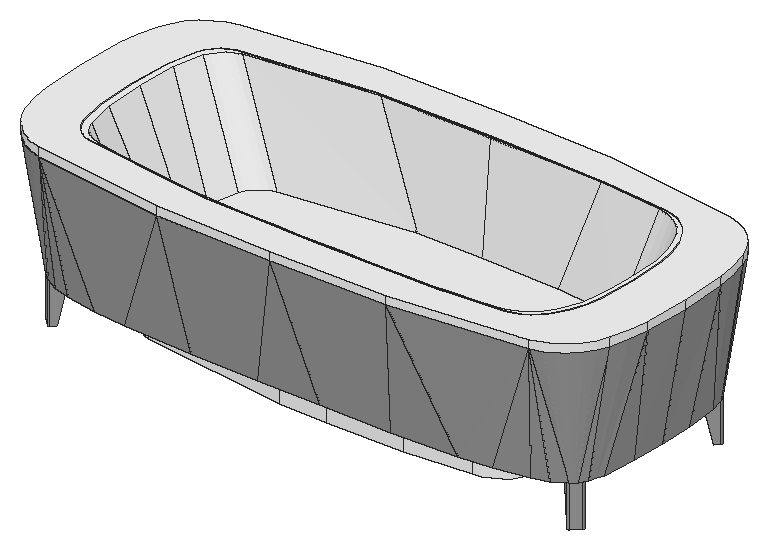
Revit family "Bathtub-FreestandingBathtub-Vitra-WaterJewelsSeries-53500096000", category Plumbing Fixtures, host Face, Revit 2017 (continued)
Automatic sketch dimensions
  Blend 15 sketch curve to Blend 15 sketch curve = 22.214 mm
  Blend 15 sketch curve to Blend 15 sketch curve = 71.465 mm
  Blend 15 sketch curve to Blend 15 sketch curve = 71.621 mm
  Blend 15 sketch curve to Blend 15 sketch curve = 19.04 mm
  Blend 15 sketch curve to Blend 15 sketch curve = 19.071 mm
  Blend 1 sketch curve to Blend 1 sketch curve = 85.648 mm
  Blend 1 sketch curve to Blend 1 sketch curve = 101.507 mm  (x2)
  Blend 1 sketch curve to Blend 1 sketch curve = 13.634 mm  (x2)
  Blend 1 sketch curve to Blend 1 sketch curve = 14.807 mm  (x2)
  Blend 1 sketch curve to Blend 1 sketch curve = 8.793 mm  (x2)
  Blend 1 sketch curve to Blend 1 sketch curve = 0.795 mm
  Extrusion 11 sketch curve to Extrusion 11 sketch curve = 276.562 mm
  Blend 13 sketch curve to Blend 13 sketch curve = 276.562 mm
  Blend 13 sketch curve to Blend 13 sketch curve = 59.133 mm
  Blend 13 sketch curve to Blend 13 sketch curve = 18.507 mm  (x2)
  Blend 14 sketch curve to Blend 14 sketch curve = 276.562 mm
  Blend 14 sketch curve to Blend 14 sketch curve = 45.846 mm
  Blend 15 sketch curve to Blend 15 sketch curve = 276.562 mm
  Blend 15 sketch curve to Blend 15 sketch curve = 45.846 mm
  Blend 1 sketch curve to plane 7 = 0 mm
  Blend 1 sketch curve to plane 8 = 0 mm
  plane 3 "Center (Left/Right)" to Blend 1 sketch curve = 235.493 mm  (x2)
  Blend 1 sketch curve to plane 3 "Center (Left/Right)" = 42.812 mm  (x2)
  Blend 1 sketch curve to plane 3 "Center (Left/Right)" = 321.117 mm  (x2)
  Blend 1 sketch curve to plane 4 = 5.388 mm
  Blend 1 sketch curve to plane 8 = 72.773 mm
  Blend 1 sketch curve to plane 8 = 73.568 mm
  Blend 1 sketch curve to Blend 1 sketch curve = 214.876 mm  (x2)
  Extrusion 11 sketch curve to plane 7 = 124.09 mm
  plane 3 "Center (Left/Right)" to Extrusion 11 sketch curve = 20.651 mm  (x2)
  Extrusion 11 sketch curve to plane 3 "Center (Left/Right)" = 11.108 mm
  Extrusion 11 sketch curve to plane 3 "Center (Left/Right)" = 52.054 mm
  Extrusion 11 sketch curve to plane 3 "Center (Left/Right)" = 181.499 mm
  Extrusion 11 sketch curve to plane 3 "Center (Left/Right)" = 207.67 mm
  Extrusion 11 sketch curve to plane 8 = 433.338 mm
  Extrusion 11 sketch curve to Extrusion 11 sketch curve = 394.073 mm
  Extrusion 11 sketch curve to Extrusion 11 sketch curve = 64.843 mm
  Blend 13 sketch curve to plane 7 = 120.627 mm
  plane 3 "Center (Left/Right)" to Blend 13 sketch curve = 17.188 mm  (x2)
  Blend 13 sketch curve to plane 3 "Center (Left/Right)" = 14.571 mm
  Blend 13 sketch curve to plane 3 "Center (Left/Right)" = 55.517 mm
  Blend 13 sketch curve to plane 3 "Center (Left/Right)" = 184.962 mm
  Blend 13 sketch curve to plane 3 "Center (Left/Right)" = 211.133 mm
  Blend 13 sketch curve to plane 8 = 429.875 mm
  Blend 13 sketch curve to Blend 13 sketch curve = 394.073 mm
  Blend 13 sketch curve to Blend 13 sketch curve = 64.843 mm
  Blend 13 sketch curve to plane 8 = 183.915 mm
  Blend 13 sketch curve to Blend 13 sketch curve = 59.129 mm
  Blend 13 sketch curve to Blend 13 sketch curve = 306.667 mm
  Blend 13 sketch curve to plane 3 "Center (Left/Right)" = 297.122 mm  (x2)
  Blend 13 sketch curve to plane 3 "Center (Left/Right)" = 24.213 mm
  Blend 13 sketch curve to plane 3 "Center (Left/Right)" = 23.433 mm
  Blend 13 sketch curve to Blend 13 sketch curve = 66.857 mm
  Blend 14 sketch curve to plane 7 = 120.627 mm
  plane 3 "Center (Left/Right)" to Blend 14 sketch curve = 17.188 mm  (x2)
  Blend 14 sketch curve to plane 3 "Center (Left/Right)" = 14.571 mm
  Blend 14 sketch curve to plane 3 "Center (Left/Right)" = 55.517 mm
  Blend 14 sketch curve to plane 3 "Center (Left/Right)" = 184.962 mm
  Blend 14 sketch curve to plane 3 "Center (Left/Right)" = 211.133 mm
  Blend 14 sketch curve to plane 8 = 429.875 mm
  Blend 14 sketch curve to Blend 14 sketch curve = 394.073 mm
  Blend 14 sketch curve to Blend 14 sketch curve = 64.843 mm
  plane 7 to Blend 14 sketch curve = 61.876 mm
  plane 3 "Center (Left/Right)" to Blend 14 sketch curve = 293.933 mm
  plane 3 "Center (Left/Right)" to Blend 14 sketch curve = 293.484 mm
  plane 3 "Center (Left/Right)" to Blend 14 sketch curve = 53.321 mm
  plane 3 "Center (Left/Right)" to Blend 14 sketch curve = 52.815 mm
  Blend 14 sketch curve to plane 3 "Center (Left/Right)" = 253.068 mm
  Blend 14 sketch curve to plane 3 "Center (Left/Right)" = 257.46 mm
  Blend 14 sketch curve to plane 3 "Center (Left/Right)" = 367.078 mm
  Blend 14 sketch curve to Blend 14 sketch curve = 352.019 mm
  Blend 14 sketch curve to Blend 14 sketch curve = 66.903 mm
  Blend 14 sketch curve to Blend 14 sketch curve = 27.158 mm
  Blend 15 sketch curve to plane 7 = 124.09 mm
  plane 3 "Center (Left/Right)" to Blend 15 sketch curve = 20.651 mm  (x2)
  Blend 15 sketch curve to plane 3 "Center (Left/Right)" = 11.108 mm
  Blend 15 sketch curve to plane 3 "Center (Left/Right)" = 52.054 mm
  Blend 15 sketch curve to plane 3 "Center (Left/Right)" = 181.499 mm
  Blend 15 sketch curve to plane 3 "Center (Left/Right)" = 207.67 mm
  Blend 15 sketch curve to plane 8 = 433.338 mm
  Blend 15 sketch curve to Blend 15 sketch curve = 394.073 mm
  Blend 15 sketch curve to Blend 15 sketch curve = 64.843 mm
  plane 7 to Blend 15 sketch curve = 58.413 mm
  plane 3 "Center (Left/Right)" to Blend 15 sketch curve = 297.396 mm
  plane 3 "Center (Left/Right)" to Blend 15 sketch curve = 296.947 mm
  plane 3 "Center (Left/Right)" to Blend 15 sketch curve = 56.784 mm
  plane 3 "Center (Left/Right)" to Blend 15 sketch curve = 56.278 mm
  Blend 15 sketch curve to plane 3 "Center (Left/Right)" = 249.605 mm
  Blend 15 sketch curve to plane 3 "Center (Left/Right)" = 253.997 mm
  Blend 15 sketch curve to plane 3 "Center (Left/Right)" = 363.615 mm
  Blend 15 sketch curve to Blend 15 sketch curve = 352.019 mm
  Blend 15 sketch curve to Blend 15 sketch curve = 66.903 mm
  Blend 15 sketch curve to Blend 15 sketch curve = 27.158 mm
  radius of Extrusion 10 sketch curve to Blend 1 = 0 mm  (x18)
  radius of Extrusion 12 sketch curve = 26 mm
Connectors
  piping at (340, 0, 25.684), diameter 50
    settings: on Extrusion 12, index 1, connector inside diameter 609.6 mm, connector length 0 mm, flow factor 0, pipe flow 0.0 L/s, pressure drop 0.0 Pa, fitting loss kfactor 0, connector angle 0.00°, fixture units 0, engagement length 0 mm, angle of deflection 0.00°, flow configuration 0, flow direction 2, fitting loss method 0, system type 16, joint type 0, gender type 0, connector reference index -1, connector utility 0, adjustable connector no, is connector primary yes, connector description ""
